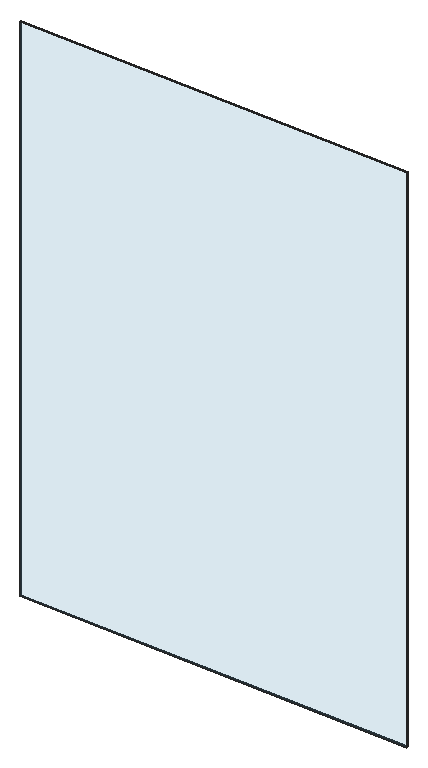
Revit family "ALSPEC ECOFRAMEPLUS 101.6 CT DGL GLZ", category Curtain Panels, Revit 2017
Family settings
  OmniClass Number = 23.25.20.14.11.11.17
  OmniClass Title = Infill Panels
  Always vertical = Yes
  Cut with Voids When Loaded = No
  Shared = No
Parameters
  YEAR = "2019"
  VERSION = "2.0"
  TODAYS DATE = "05.02.2019"
  SINGLE GLAZED THICKNESS = 8 mm
  DOUBLE GLAZED THICKNESS = 20 mm
  D = B - (2 * A)  # 4 mm
  CREATOR = " Scott Isouard"  # constant formula
  COMPANY = "Archvis"  # constant formula
  C = if(D > 0 mm, B, (2 * A) + 0.8 mm)  # 20 mm
  B = if(DOUBLE GLAZED THICKNESS > 28 mm, 28 mm, if(DOUBLE GLAZED THICKNESS < 4 mm, 4 mm, DOUBLE GLAZED THICKNESS))  # 20 mm
  Assembly Code = ""
  ANZRC Compliant = yes
  A = if(SINGLE GLAZED THICKNESS > 10.4 mm, 10.4 mm, if(SINGLE GLAZED THICKNESS < 4 mm, 4 mm, SINGLE GLAZED THICKNESS))  # 8 mm
Reference planes
  plane 1 "Center (Front/Back)": y = 0
  plane 2: z = 0
  plane 3 "Center (Left/Right)": x = 0
  plane 4 "Left": x = -1500
  plane 5 "Right": x = 1500
  plane 6 "Top": z = 4000
  plane 7: z = -50
  plane 8: y = 10
  plane 9: y = -10
  plane 10: y = 2
  plane 11: y = -2
Forms (mm)
  Extrusion 1, solid, material "Glass"
    sketch origin (0, 0, 0) x (1, 0, 0) y (0, 1, 0)
      loop
        line (-1500, 2) -> (1500, 2) -> (1500, 10) -> (-1500, 10) -> (-1500, 2)
      loop
        line (-1500, -2) -> (-1500, -10) -> (1500, -10) -> (1500, -2) -> (-1500, -2)
    from 0 to 4000
Text (mm)
  text "Exterior" at (-2351.972, 1416.179, 0), in view "Ref. Level"
  text "Exterior" at (0, 2290.741, 4406.713), in view "Left"
  text "Exterior" at (0, 1328.187, 4120.349), in view "Right"
Dimensions and locks
  equal spacing: plane 4 "Left", plane 3 "Center (Left/Right)", plane 5 "Right"
  locked: plane 7 to plane 2 at 50
  equal spacing: plane 9, plane 1 "Center (Front/Back)", plane 8
  "C": plane 9 to plane 8
  "A": plane 10 to plane 8
  "A": plane 9 to plane 11
  aligned and locked: Extrusion 1 to plane 6 "Top"
  aligned and locked: plane 4 "Left" to Extrusion 1 sketch curve
  aligned and locked: Extrusion 1 sketch curve to plane 5 "Right"
  aligned and locked: Extrusion 1 sketch curve to plane 8
  aligned and locked: plane 10 to Extrusion 1 sketch curve
  aligned and locked: plane 11 to Extrusion 1 sketch curve
  aligned and locked: Extrusion 1 sketch curve to plane 9
Automatic sketch dimensions
  Extrusion 1 sketch curve to plane 4 "Left" = 0 mm
  Extrusion 1 sketch curve to plane 5 "Right" = 0 mm
